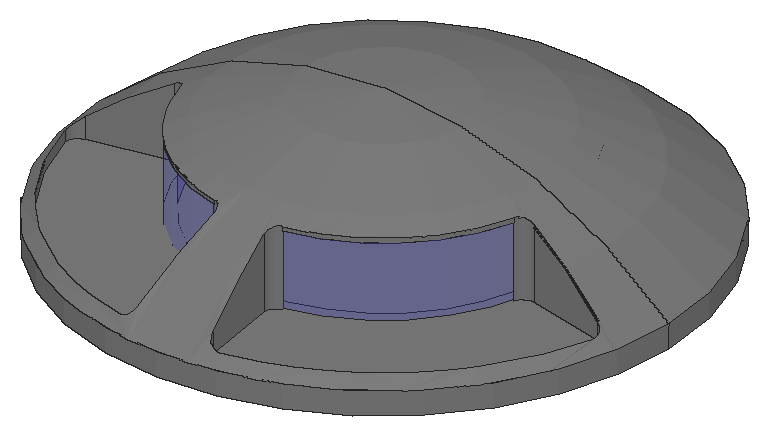
Revit family "77069_HOST_GND", category Lighting Fixtures, host Floor, Revit 2012
Parameters (values of type "In-Ground Luminaires")
  Wattage = 0.0875174 W
  built-in parameter 1150110 = 1 (stored number, unit not read)
  URL = "www.bega-us.com"
  built-in parameter 1114217 = 1 (stored number, unit not read)
  Tilt Angle = 90.00°
  built-in parameter 1150109 = 1 (stored number, unit not read)
  built-in parameter 1150134 = (empty or 0)
  Telephone = "805.684.0533"
  built-in parameter 1150113 = 1 (stored number, unit not read)
  Photometric Web File = "77069.IES"
  Model = "77069"
  Manufacturer = "BEGA-US"
  built-in parameter 1150105 = 1.0345 (stored number, unit not read)
  Lumens = 13 lm
  built-in parameter 1150115 = 1 (stored number, unit not read)
  built-in parameter 1150137 = (empty or 0)
  built-in parameter 1150139 = (empty or 0)
  built-in parameter 1150112 = 1 (stored number, unit not read)
  built-in parameter 1150114 = 1 (stored number, unit not read)
  Lamp = "1.3W LED"
  built-in parameter 1150132 = 2
  built-in parameter 1150102 = (empty or 0)
  built-in parameter 1150107 = 3000 (stored number, unit not read)
  built-in parameter 1150138 = (empty or 0)
  built-in parameter 1150106 = 0.010345 (stored number, unit not read)
  built-in parameter 1150104 = 13.8 (stored number, unit not read)
  Dimming Lamp Color Temperature Shift = <None>
  Description = "Groud mounted LED - low profile 180 degree output"
  Color Filter = 16777215
  built-in parameter 1114218 = 1 (stored number, unit not read)
  built-in parameter 1150133 = 10 (stored number, unit not read)
Reference planes (in)
  plane 1 "Center (Front/Back)": y = 0
  plane 2: z = 0
  plane 3 "Center (Left/Right)": x = 0
Dimensions and locks (in)
  equal spacing: host sketch curve, plane 1 "Center (Front/Back)", host sketch curve
  equal spacing: host sketch curve, plane 3 "Center (Left/Right)", host sketch curve
  host sketch curve to host sketch curve = 10' - 0"  (x2)
  aligned and locked: level to plane 2
Nested families (in)
  nested 1: "7069LED" at (0, 0, 0), type "7069LED"
Connectors (in)
  electrical at (0, 0, 0)
    settings: on host floor, index 1, voltage 0 V, apparent load 0 VA, apparent load phase1 0 VA, apparent load phase2 0 VA, apparent load phase3 0 VA, power factor 1, load classification "Other", number of poles 1, system type 31, power factor state 1, is connector primary yes, connector utility no, sub classification motor no, connector description ""
Definition of nested family "7069LED"
  Reference planes (in)
    plane 1 "Center (Front/Back)": y = 0
    plane 2: z = 0
    plane 3 "Center (Left/Right)": x = 0
  Forms (in)
    Revolve 1, solid, material "Default"
      sketch origin (0, 0, 0) x (1, 0, 0) y (0, 0, 1)
        loop
          line (0, 0) -> (3.1875, 0) -> (3.1875, 0.25)
          arc (3.1875, 0.25) -> (1.71192, 1.17633) -> (0, 1.5) r 4.68906
          line (0, 1.5) -> (0, 0)
        axis (0, 1.5) -> (0, 0)
      angle from 0 to 360
    Extrusion 2, void
      sketch origin (0, 0, 0) x (1, 0, 0) y (0, 1, 0)
        loop
          line (2.87071, -0.61019) -> (2.01372, -0.42803)
          arc (2.01372, -0.42803) -> (1.92286, -0.44345) -> (1.86726, -0.51695) r 0.125
          arc (1.86726, -0.51695) -> (1.32137, -1.417) -> (0.38543, -1.89878) r 1.9375
          arc (0.38543, -1.89878) -> (0.30824, -1.94911) -> (0.28652, -2.03867) r 0.125
          line (0.28652, -2.03867) -> (0.40845, -2.90628)
          arc (0.40845, -2.90628) -> (0.45915, -2.99029) -> (0.55488, -3.01181) r 0.125
          arc (0.55488, -3.01181) -> (2.08862, -2.23977) -> (2.96577, -0.76362) r 3.0625
          arc (2.96577, -0.76362) -> (2.95098, -0.66662) -> (2.87071, -0.61019) r 0.125
        loop
          arc (-0.28652, -2.03867) -> (-0.30824, -1.94911) -> (-0.38543, -1.89878) r 0.125
          arc (-0.38543, -1.89878) -> (-1.32137, -1.417) -> (-1.86726, -0.51695) r 1.9375
          arc (-1.86726, -0.51695) -> (-1.92286, -0.44345) -> (-2.01372, -0.42803) r 0.125
          line (-2.01372, -0.42803) -> (-2.87071, -0.61019)
          arc (-2.87071, -0.61019) -> (-2.95098, -0.66662) -> (-2.96577, -0.76362) r 0.125
          arc (-2.96577, -0.76362) -> (-2.08862, -2.23977) -> (-0.55488, -3.01181) r 3.0625
          arc (-0.55488, -3.01181) -> (-0.45915, -2.99029) -> (-0.40845, -2.90628) r 0.125
          line (-0.40845, -2.90628) -> (-0.28652, -2.03867)
      from 0.25 to 1.5
    Extrusion 3, void
      sketch origin (0, 0, 0) x (1, 0, 0) y (0, 1, 0)
        loop
          circle (0, 0) r 1.9375
      from 0.25 to 1.03381
    Extrusion 4, solid, material "Glass"
      sketch origin (0, 0, 0) x (1, 0, 0) y (0, 1, 0)
        loop
          circle (0, 0) r 1.9375
        loop
          circle (0, 0) r 1.8125
      from 0.25 to 1.03381
  Cuts and joins
    Extrusion 2, Extrusion 3 cuts Revolve 1
  Dimensions and locks (in)
    aligned and locked: plane 2 to level
